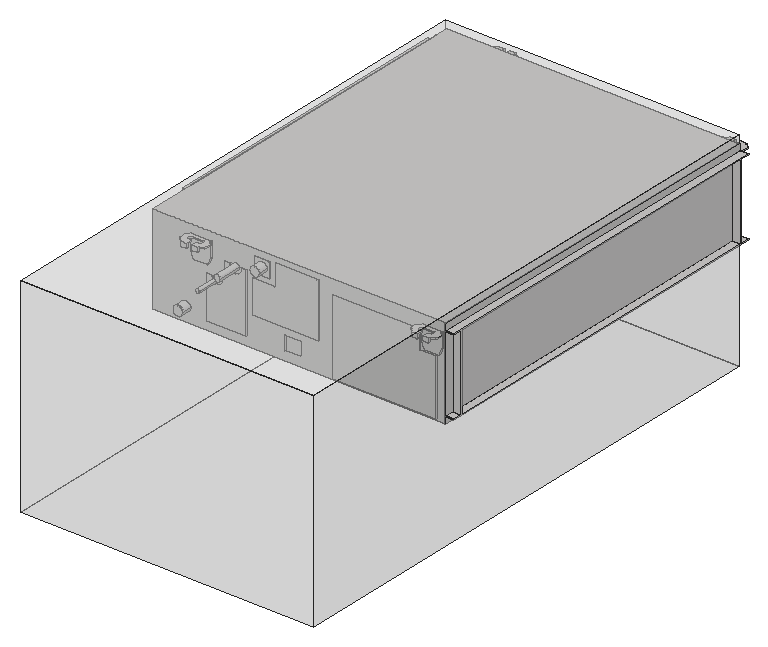
Revit family "outputfile", category 機械設備, Revit 2024
Family settings
  丸型コネクタ寸法 = 半径を使用
  パーツ タイプ = 標準
  OmniClass 番号 = 23.75.10.24.21.27.27
  OmniClass タイトル = Split System Air Conditioning Units
  作業面ベース = いいえ
  常に垂直 = はい
  ロード時にボイドで切り取り = いいえ
  注釈の向きを維持 = いいえ
  共有 = いいえ
  部屋計算ポイント = はい
Parameters (values of type "FBA18CV2S")
  製造元 = "Daikin"
  書き出し IFC クラス(タイプ) = "IfcUnitaryEquipmentType"
  定義済み IFC タイプ(タイプ) = "AIRCONDITIONINGUNIT"
  モデル = "FBA18CV2S"
  switch_frequency = yes
  r_Liquid Pipe Size = Liquid Pipe Size / 2  # 4.75 mm
  r_Gas Pipe Size = Gas Pipe Size / 2  # 7.95 mm
  r_Drain Pipe Size = Drain Pipe Size / 2  # 12.5 mm
  lw_power = 770.0 mm  # constant formula
  lh_SA = 138.0 mm  # constant formula
  lw_SA = if(Width = 550.0 mm, 225.0 mm, if(Width = 700.0 mm, 300.0 mm, if(Width = 1000.0 mm, 450.0 mm, if(Width = 1400.0 mm, 650.0 mm, 725.0 mm))))  # 450.0 mm
  lw_RA = if(Width = 550.0 mm, 275.0 mm, if(Width = 700.0 mm, 349.0 mm, if(Width = 1000.0 mm, 499.0 mm, if(Width = 1400.0 mm, 699.0 mm, 775.0 mm))))  # 499.0 mm
  lh_power = 60.0 mm + [h***]  # 60.0 mm
  lh_mountinghole1 = lh_mountinghole + [h***]  # 222.0 mm
  lh_RA = 123.0 mm  # constant formula
  ld_power = Width / 2  # 500.0 mm
  connector_voltage = Voltage_50Hz  # 220 V
  connector_powerinput = [Power Input (Cooling)]  # 1.250 kW
  connector_phase = Phase_50Hz  # 1
  Voltage_comment_50Hz = "220"
  Voltage_50Hz = 220 V
  Supply Air Direction [instance] = yes
  Phase_50Hz = 1
  Minimum External Static Pressure = 50.00 Pa
  Maximum External Static Pressure = 150.00 Pa
  Material_Casing = DAIKIN_GalvanizedSteel_Casing_indoorunit
  lw_mountinghole = 630.0 mm  # constant formula
  lh_gaspipe = 183.0 mm + [h***]  # 183.0 mm
  lh_mountinghole = 222.0 mm  # constant formula
  lh_liquidpipe = 136.0 mm + [h***]  # 136.0 mm
  lh_drainpipe = 207.0 mm + [h***]  # 207.0 mm
  lh_antena = Height - lh_mountinghole + 1.0 mm  # 24.0 mm
  ld_drainpipe = Width / 2 + 26.0 mm  # 526.0 mm
  ld_liquidpipe = Width / 2 + 69.0 mm  # 569.0 mm
  ld_gaspipe = Width / 2 + 65.0 mm  # 565.0 mm
  ld_mountinghole = Width + 38.0 mm  # 1038.0 mm
  h*** = 0.0 mm  # constant formula
  lw_liquidpipe = 179.0 mm  # constant formula
  lw_gaspipe = 229.0 mm  # constant formula
  lw_drainpipe = 300.0 mm  # constant formula
  Width = 1000.0 mm
  Version = "ver.1.0"
  Unit Type = "Duct"
  Unit Mass Weight = 37.00 kg
  Unit Designation [instance] = ""
  Uniclass2015Version = "Products v1.30"
  Uniclass2015Title = "Split coil room air conditioning units"
  Uniclass2015Code = "Pr_70_65_03_86"
  Total Cooling Capacity [instance] = 0.000 kW
  Sound Pressure Level_M speed (dBA) = 33
  Sound Pressure Level_L speed (dBA) = 31
  Sound Pressure Level_H speed (dBA) = 35
  Series = "SkyAir_Fan Coil Unit"
  Sensible Cooling Capacity [instance] = 0.000 kW
  SA Duct Size Width = 792.0 mm
  SA Duct Size Height = 176.0 mm
  Refrigerant Type = "R32"
  RA Duct Size Width = 952.0 mm
  RA Duct Size Height = 208.0 mm
  Power Input (Cooling) = 1.250 kW
  Option Accessory 3 [instance] = ""
  Option Accessory 2 [instance] = ""
  Option Accessory 1 [instance] = ""
  Nominal Cooling Capacity = 5.300 kW
  Minimum Airflow = 750.00 m³/h
  Median Airflow = 900.00 m³/h
  Maximum Airflow = 1080.00 m³/h
  Load Classification = HVAC
  Liquid Pipe Size = 9.5 mm
  Link_Nested Family [instance] = ""
  IfcVersion = ""
  IfcExportType = "AIRCONDITIONINGUNIT"
  IfcExportAs = "IfcUnitaryEquipmentType"
  Height = 245.0 mm
  Heat Exchanger Type = "Cross Fin Coil"
  Gas Pipe Size = 15.9 mm
  Frequency_50Hz = 50 Hz
  Fan Type = "Sirocco Fan"
  Fan Drive = "Direct Drive"
  FCU Tag No. [instance] = ""
  Drain Pipe Size = 25.0 mm
  Design Supply Airflow [instance] = 0.00 m³/h
  Design Return Airflow [instance] = 0.00 m³/h
  Design External Static Pressure [instance] = 0.00 Pa
  Depth = 800.0 mm
  既定の高さ = 0.0 mm
  Cooling Entering Wet Bulb Temperature [instance] = 0.00 °C
  Cooling Entering Dry Bulb Temperature [instance] = 0.00 °C
  Cooling Ambient Wet Bulb Temperature [instance] = 0.00 °C
  Cooling Ambient Dry Bulb Temperature [instance] = 0.00 °C
  Clearance visibility [instance] = yes
  Clearance Top = 20.0 mm
  Clearance Right = 0.0 mm
  Clearance Rear = 0.0 mm
  Clearance Left = 0.0 mm
  Clearance Front = 450.0 mm
  Clearance Bottom = 300.0 mm
Reference planes
  plane 1 "Center (Front/Back)": y = 0
  plane 2 "h": z = 0
  plane 3 "Center (Left/Right)": x = 0
  plane 4 "Back": y = 500
  plane 5 "Front": y = -500
  plane 6 "Left": x = -400
  plane 7 "Right": x = 400
  plane 8 "Top": z = 0
  plane 9 "Bottom": z = -245
  plane 10: y = -215
  plane 11: y = 500
  plane 12: y = -950
  plane 13: x = -400
  plane 14: x = 400
  plane 15: z = 20
  plane 16: z = -545
  plane 17: x = -400
  plane 18: x = -399
  plane 19: x = 399
  plane 20: y = 50
  plane 21: y = -1
  plane 22: z = -122
  plane 23: y = -501
  plane 24: z = -109
  plane 25: x = -221
  plane 26: y = -565
  plane 27: z = -62
  plane 28: x = -171
  plane 29: y = -526
  plane 30: z = -38
  plane 31: x = -100
  plane 32: x = -100
  plane 33: x = -221
  plane 34: x = -171
  plane 35: x = 370
  plane 36: x = -266
  plane 37: x = 364
  plane 38: y = -519
  plane 39: y = 519
  plane 40: z = -23
  plane 41: z = -107
  plane 42: y = -569
  plane 43: z = -207
  plane 44: x = -309
  plane 45: y = -376
  plane 46: x = -251
  plane 47: x = -203
  plane 48: x = -144
  plane 49: z = -59
  plane 50: z = -106
  plane 51: z = -221
  plane 52: z = -109
  plane 53: x = -221
  plane 54: z = -62
  plane 55: x = -171
  plane 56: z = -17
  plane 57: z = -59
  plane 58: x = -121
  plane 59: x = -79
  plane 60: x = -125
  plane 61: x = -64
  plane 62: x = 53
  plane 63: z = -164
  plane 64: z = -73
  plane 65: z = -16
  plane 66: x = 93.5
  plane 67: x = 374.5
  plane 68: x = 330
  plane 69: z = -88.5
  plane 70: z = -38
  plane 71: z = -242.5
  plane 72: x = -38.5
  plane 73: x = 6.5
  plane 74: z = -181
  plane 75: z = -221
  plane 76: y = -499
  plane 77: x = -424
  plane 78: x = 424
Forms (mm)
  Extrusion 1, solid, material "DAIKIN_GalvanizedSteel_Casing_indoorunit" <- "Material_Casing"
    sketch origin (0, 0, 0) x (1, 0, 0) y (0, 1, 0)
      loop
        line (-399, 500) -> (-399, -500) -> (399, -500) -> (399, 500) -> (-399, 500)
    from -245 to 0
  Extrusion 2, solid, material "DAIKIN_GalvanizedSteel_Casing_indoorunit" <- "Material_Casing"
    sketch origin (0, 0, 0) x (1, 0, 0) y (0, 0, 1)
      loop
        line (-251, -221) -> (-144, -221) -> (-144, -59) -> (-154.47, -59)
        arc (-154.47, -59) -> (-171, -78.8) -> (-187.53, -59) r 16.8
        line (-187.53, -59) -> (-203, -59) -> (-203, -106) -> (-206.916, -106)
        arc (-206.916, -106) -> (-221, -123.4) -> (-235.084, -106) r 14.4
        line (-235.084, -106) -> (-251, -106) -> (-251, -221)
    from 500 to 501
  Extrusion 3, solid, material "DAIKIN_GalvanizedSteel_Casing_indoorunit" <- "Material_Casing"
    sketch origin (0, 0, 0) x (1, 0, 0) y (0, 0, 1)
      loop
        line (-121, -17) -> (-121, -59) -> (-79, -59) -> (-79, -17) -> (-121, -17)
      loop
        line (-125, -73) -> (-125, -164) -> (53, -164) -> (53, -16) -> (-64, -16) -> (-64, -73) -> (-125, -73)
    from 500 to 501
  Extrusion 4, solid, material "DAIKIN_GalvanizedSteel_Casing_indoorunit" <- "Material_Casing"
    sketch origin (0, 0, 0) x (1, 0, 0) y (0, 0, 1)
      loop
        line (93.5, -38) -> (93.5, -242.5) -> (374.5, -242.5) -> (374.5, -88.5) -> (330, -88.5) -> (330, -38) -> (93.5, -38)
    from 500 to 501
  Extrusion 5, solid, material "DAIKIN_GalvanizedSteel_Casing_indoorunit" <- "Material_Casing"
    sketch origin (0, 0, 0) x (1, 0, 0) y (0, 0, 1)
      loop
        circle (-221, -109) r 4.75
    from 500 to 569
  Extrusion 6, solid, material "DAIKIN_GalvanizedSteel_Casing_indoorunit" <- "Material_Casing"
    sketch origin (0, 0, 0) x (1, 0, 0) y (0, 0, 1)
      loop
        circle (-171, -62) r 7.95
    from 500 to 565
  Extrusion 7, solid, material "DAIKIN_GalvanizedSteel_Casing_indoorunit" <- "Material_Casing"
    sketch origin (0, 0, 0) x (1, 0, 0) y (0, 0, 1)
      loop
        circle (-100, -38) r 12.5
    from 501 to 526
  Extrusion 8, solid, material "DAIKIN_GalvanizedSteel_Casing_indoorunit" <- "Material_Casing"
    sketch origin (0, 0, 0) x (1, 0, 0) y (0, 0, 1)
      loop
        circle (-309, -207) r 13
    from 500 to 526
  Extrusion 9, void
    sketch origin (0, 0, 0) x (1, 0, 0) y (0, 0, 1)
      loop
        line (-38.5, -181) -> (-38.5, -221) -> (6.5, -221) -> (6.5, -181) -> (-38.5, -181)
    from 499 to 500
Cuts and joins
  Extrusion 9 cuts Extrusion 1
Dimensions and locks
  "Height": plane 8 "Top" to plane 9 "Bottom"
  equal spacing: plane 4 "Back", plane 1 "Center (Front/Back)", plane 5 "Front"
  "Width": plane 4 "Back" to plane 5 "Front"
  equal spacing: plane 6 "Left", plane 3 "Center (Left/Right)", plane 7 "Right"
  "Depth": plane 6 "Left" to plane 7 "Right"
  "Clearance Left": plane 13 to plane 6 "Left"
  "Clearance Right": plane 7 "Right" to plane 14
  "Clearance Rear": plane 11 to plane 4 "Back"
  "Clearance Front": plane 5 "Front" to plane 12
  "Clearance Top": plane 15 to plane 8 "Top"
  "Clearance Bottom": plane 9 "Bottom" to plane 16
  locked: plane 17 to plane 18 at 1
  locked: plane 19 to plane 14 at 1
  "lw_RA": plane 21 to plane 5 "Front"
  "lh_RA": plane 22 to plane 9 "Bottom"
  locked: plane 5 "Front" to plane 23 at 1
  "lw_liquidpipe": plane 25 to plane 6 "Left"
  "lh_liquidpipe": plane 24 to plane 9 "Bottom"
  "lh_gaspipe": plane 27 to plane 9 "Bottom"
  "lw_gaspipe": plane 28 to plane 6 "Left"
  "ld_gaspipe": plane 26 to plane 1 "Center (Front/Back)"
  "ld_drainpipe": plane 29 to plane 1 "Center (Front/Back)"
  "lh_drainpipe": plane 30 to plane 9 "Bottom"
  "lw_drainpipe": plane 31 to plane 6 "Left"
  "lw_drainpipe": plane 6 "Left" to plane 32
  "lw_liquidpipe": plane 6 "Left" to plane 33
  "lw_gaspipe": plane 6 "Left" to plane 34
  "lw_power": plane 6 "Left" to plane 35
  locked: plane 17 to plane 36 at 134
  "lw_mountinghole": plane 36 to plane 37
  equal spacing: plane 38, plane 1 "Center (Front/Back)", plane 39
  "ld_mountinghole": plane 39 to plane 38
  "lh_mountinghole": plane 40 to plane 9 "Bottom"
  "lh_SA": plane 41 to plane 9 "Bottom"
  locked: plane 44 to plane 6 "Left" at 91
  locked: plane 43 to plane 9 "Bottom" at 38
  plane 48 to plane 47 to plane 46 to plane 6 "Left" = 59.0 mm, 48.0 mm, 149.0 mm
  plane 8 "Top" to plane 49 to plane 50 to plane 51 = 59.0 mm locked, 47.0 mm locked, 115.0 mm locked
  plane 55 to plane 53 to plane 6 "Left" = 50.0 mm locked, 179.0 mm locked
  plane 54 to plane 52 to plane 9 "Bottom" = 47.0 mm locked, 136.0 mm locked
  plane 59 to plane 58 to plane 6 "Left" = 42.0 mm locked, 279.0 mm locked
  plane 8 "Top" to plane 56 to plane 57 = 17.0 mm locked, 42.0 mm locked
  plane 62 to plane 61 to plane 60 to plane 6 "Left" = 117.0 mm, 61.0 mm, 275.0 mm
  plane 8 "Top" to plane 65 to plane 64 = 16.0 mm locked, 57.0 mm locked
  locked: plane 65 to plane 63 at 148
  plane 8 "Top" to plane 70 to plane 69 to plane 71 = 38.0 mm locked, 50.5 mm locked, 154.0 mm locked
  plane 67 to plane 68 to plane 66 to plane 6 "Left" = 44.5 mm locked, 236.5 mm locked, 493.5 mm locked
  plane 8 "Top" to plane 74 to plane 75 = 181.0 mm locked, 40.0 mm locked
  plane 73 to plane 72 to plane 6 "Left" = 45.0 mm, 361.5 mm
  locked: plane 76 to plane 5 "Front" at 1
  locked: plane 77 to plane 17 at 24
  locked: plane 14 to plane 78 at 24
  "ld_liquidpipe": plane 42 to plane 1 "Center (Front/Back)"
  "lw_SA": plane 4 "Back" to plane 20
  "r_Liquid Pipe Size": radius of Extrusion 5 sketch curve
  "r_Gas Pipe Size": radius of Extrusion 6 sketch curve
  "r_Drain Pipe Size": radius of Extrusion 7 sketch curve
  aligned and locked: level to plane 2 "h"
  aligned and locked: plane 8 "Top" to Extrusion 1
  aligned and locked: Extrusion 1 to plane 9 "Bottom"
  aligned and locked: nested 5 to plane 12
  aligned and locked: plane 13 to nested 5
  aligned and locked: plane 14 to nested 5
  aligned and locked: nested 5 to plane 13
  aligned and locked: plane 11 to nested 5
  aligned and locked: plane 15 to nested 5
  aligned and locked: plane 16 to nested 5
  aligned and locked: plane 5 "Front" to Extrusion 1 sketch curve
  aligned and locked: Extrusion 1 to plane 18
  aligned and locked: plane 19 to Extrusion 1
  aligned and locked: nested 7 to plane 18
  aligned and locked: nested 7 to plane 20
  aligned and locked: plane 19 to nested 8
  aligned and locked: plane 21 to nested 8
  aligned and locked: plane 22 to nested 8
  aligned and locked: Extrusion 2 to plane 23
  aligned and locked: plane 5 "Front" to Extrusion 2
  aligned and locked: Extrusion 3 to plane 23
  aligned and locked: plane 5 "Front" to Extrusion 3
  aligned and locked: plane 5 "Front" to Extrusion 4
  aligned and locked: Extrusion 5 sketch curve to plane 25
  aligned and locked: plane 24 to Extrusion 5 sketch curve
  aligned and locked: plane 5 "Front" to Extrusion 5
  aligned and locked: Extrusion 6 sketch curve to plane 28
  aligned and locked: plane 27 to Extrusion 6 sketch curve
  aligned and locked: plane 5 "Front" to Extrusion 6
  aligned and locked: Extrusion 7 sketch curve to plane 31
  aligned and locked: Extrusion 7 sketch curve to plane 30
  aligned and locked: Extrusion 7 to plane 29
  aligned and locked: plane 23 to Extrusion 7
  aligned and locked: nested 3 to plane 29
  aligned and locked: plane 32 to nested 3
  aligned and locked: nested 2 to plane 33
  aligned and locked: nested 1 to plane 34
  aligned and locked: Extrusion 6 to plane 26
  aligned and locked: nested 1 to plane 26
  aligned and locked: nested 6 to plane 5 "Front"
  aligned and locked: nested 6 to plane 35
  aligned and locked: plane 36 to nested 10
  aligned and locked: nested 10 to plane 5 "Front"
  aligned and locked: plane 37 to nested 9
  aligned and locked: nested 9 to plane 5 "Front"
  aligned and locked: nested 11 to plane 36
  aligned and locked: plane 4 "Back" to nested 11
  aligned and locked: nested 12 to plane 37
  aligned and locked: plane 4 "Back" to nested 12
  aligned and locked: plane 40 to nested 10
  aligned and locked: plane 40 to nested 11
  aligned and locked: plane 40 to nested 9
  aligned and locked: plane 40 to nested 12
  aligned and locked: plane 36 to nested 14
  aligned and locked: nested 14 to plane 39
  aligned and locked: plane 37 to nested 13
  aligned and locked: nested 13 to plane 39
  aligned and locked: plane 37 to nested 16
  aligned and locked: plane 38 to nested 16
  aligned and locked: plane 38 to nested 15
  aligned and locked: plane 36 to nested 15
  aligned and locked: plane 17 to plane 6 "Left"
  aligned and locked: plane 41 to nested 7
  aligned and locked: Extrusion 5 to plane 42
  aligned and locked: nested 2 to plane 42
  aligned and locked: Extrusion 8 sketch curve to plane 44
  aligned and locked: plane 43 to Extrusion 8 sketch curve
  aligned and locked: plane 5 "Front" to Extrusion 8
  aligned and locked: Extrusion 3 sketch curve to plane 56
  aligned and locked: Extrusion 3 sketch curve to plane 58
  aligned and locked: plane 57 to Extrusion 3 sketch curve
  aligned and locked: plane 59 to Extrusion 3 sketch curve
  aligned and locked: Extrusion 4 to plane 23
  aligned and locked: Extrusion 9 sketch curve to plane 74
  aligned and locked: plane 75 to Extrusion 9 sketch curve
  aligned and locked: plane 73 to Extrusion 9 sketch curve
  aligned and locked: plane 5 "Front" to Extrusion 9
  aligned and locked: plane 76 to Extrusion 9
  aligned and locked: nested 17 to plane 20
  aligned and locked: nested 17 to plane 77
  aligned and locked: plane 21 to nested 18
  aligned and locked: plane 78 to nested 18
  aligned and locked: plane 41 to nested 17
  aligned and locked: nested 18 to plane 22
  aligned and locked: nested 4 to plane 3 "Center (Left/Right)"
  aligned and locked: plane 1 "Center (Front/Back)" to nested 4
  aligned and locked: level to plane 8 "Top"
  aligned and locked: Extrusion 8 to plane 29
Automatic sketch dimensions
  plane 6 "Left" to Extrusion 1 sketch curve = 1.0 mm
  Extrusion 1 sketch curve to plane 7 "Right" = 1.0 mm
  Extrusion 1 sketch curve to plane 4 "Back" = 0.0 mm
  Extrusion 2 sketch curve to plane 46 = 0.0 mm
  Extrusion 2 sketch curve to plane 33 = 0.0 mm
  Extrusion 2 sketch curve to plane 47 = 0.0 mm
  Extrusion 2 sketch curve to plane 34 = 0.0 mm
  Extrusion 2 sketch curve to plane 48 = 0.0 mm
  Extrusion 2 sketch curve to plane 51 = 0.0 mm
  Extrusion 2 sketch curve to plane 52 = 0.0 mm
  Extrusion 2 sketch curve to plane 50 = 0.0 mm  (x3)
  Extrusion 2 sketch curve to plane 54 = 0.0 mm
  Extrusion 2 sketch curve to plane 49 = 0.0 mm  (x3)
  plane 33 to Extrusion 2 sketch curve = 14.084 mm
  plane 34 to Extrusion 2 sketch curve = 16.53 mm
  Extrusion 3 sketch curve to plane 60 = 0.0 mm
  Extrusion 3 sketch curve to plane 61 = 0.0 mm
  Extrusion 3 sketch curve to plane 62 = 0.0 mm
  Extrusion 3 sketch curve to plane 63 = 0.0 mm
  Extrusion 3 sketch curve to plane 64 = 0.0 mm
  Extrusion 3 sketch curve to plane 65 = 0.0 mm
  Extrusion 4 sketch curve to plane 66 = 0.0 mm
  Extrusion 4 sketch curve to plane 68 = 0.0 mm
  Extrusion 4 sketch curve to plane 67 = 0.0 mm
  Extrusion 4 sketch curve to plane 71 = 0.0 mm
  Extrusion 4 sketch curve to plane 69 = 0.0 mm
  Extrusion 4 sketch curve to plane 70 = 0.0 mm
  Extrusion 9 sketch curve to plane 72 = 0.0 mm
  radius of Extrusion 8 sketch curve = 13.0 mm
Nested families
  nested 1: "daikin_connector_rotate2" at (-171, 0, -62), length <- "ld_gaspipe", built-in parameter 1001364 <- "lh_gaspipe", radius <- "r_Gas Pipe Size", type "daikin_connector_rotate2"
    with radius 7.95 mm, length 565.0 mm, angle_vertical 90.00°
  nested 2: "daikin_connector_rotate2" at (-221, 0, -109), length <- "ld_liquidpipe", built-in parameter 1001364 <- "lh_liquidpipe", radius <- "r_Liquid Pipe Size", type "daikin_connector_rotate2"
    with radius 4.75 mm, length 569.0 mm, angle_vertical 90.00°
  nested 3: "daikin_connector_rotate2" at (-100, 0, -38), length <- "ld_drainpipe", built-in parameter 1001364 <- "lh_drainpipe", radius <- "r_Drain Pipe Size", type "daikin_connector_rotate2"
    with radius 12.5 mm, length 526.0 mm, angle_vertical 90.00°
  nested 4: "daikin_△_symbolicline" at (0, 0, 245) x (0, -1, 0) z (0, 0, 1), built-in parameter 1001364 <- "Height", visible <- "Supply Air Direction", type "daikin_△_symbolicline"
    with length 200.0 mm
  nested 5: "daikin_clearancespace" at (0, -225, -262.381), visible <- "Clearance visibility", show <- "Clearance visibility", Link_Nested Family <- "Link_Nested Family", type "daikin_clearancespace"
    with width 800.0 mm, show yes, height 565.0 mm, depth 1450.0 mm, Link_Nested Family ""
  nested 6: "daikin_connector_rotate2" at (370, 0, -185), built-in parameter 1001364 <- "lh_power", length <- "ld_power", type "daikin_connector_rotate2"
    with radius 10.0 mm, length 500.0 mm, angle_vertical 90.00°
  nested 7: "daikin_ductflange_FBA-CV2S2" at (-399, 50, -107) x (0, -1, 0) z (0, 0, 1), type "daikin_ductflange_FBA-CV2S2"
    with width 792.0 mm, w 1000.0 mm
  nested 8: "daikin_ductflange_FBA-CV2S" at (399, -1, -122) x (0, 1, 0) z (0, 0, 1), type "daikin_ductflange_FBA-CV2S"
    with width 952.0 mm, lw 25.0 mm, w 1000.0 mm
  nested 9: "daikin_hangerfixture_FBA-CV2S" at (364, -500, -23), type "daikin_hangerfixture_FBA-CV2S"
  nested 10: "daikin_hangerfixture_FBA-CV2S" at (-266, -500, -23), type "daikin_hangerfixture_FBA-CV2S"
  nested 11: "daikin_hangerfixture_FBA-CV2S" at (-266, 500, -23) x (-1, 0, 0) z (0, 0, 1), type "daikin_hangerfixture_FBA-CV2S"
  nested 12: "daikin_hangerfixture_FBA-CV2S" at (364, 500, -23) x (-1, 0, 0) z (0, 0, 1), type "daikin_hangerfixture_FBA-CV2S"
  nested 13: "daikin_mountinghole" at (364, 519, -245), h_mountinghole <- "lh_mountinghole1", l_antenna <- "lh_antena", Link_Nested Family <- "Link_Nested Family", type "daikin_mountinghole"
    with show yes, l_antenna 24.0 mm, h_mountinghole 222.0 mm, Link_Nested Family ""
  nested 14: "daikin_mountinghole" at (-266, 519, -245), h_mountinghole <- "lh_mountinghole1", l_antenna <- "lh_antena", Link_Nested Family <- "Link_Nested Family", type "daikin_mountinghole"
    with show yes, l_antenna 24.0 mm, h_mountinghole 222.0 mm, Link_Nested Family ""
  nested 15: "daikin_mountinghole" at (-266, -519, -245), h_mountinghole <- "lh_mountinghole1", l_antenna <- "lh_antena", Link_Nested Family <- "Link_Nested Family", type "daikin_mountinghole"
    with show yes, l_antenna 24.0 mm, h_mountinghole 222.0 mm, Link_Nested Family ""
  nested 16: "daikin_mountinghole" at (364, -519, -245), h_mountinghole <- "lh_mountinghole1", l_antenna <- "lh_antena", Link_Nested Family <- "Link_Nested Family", type "daikin_mountinghole"
    with show yes, l_antenna 24.0 mm, h_mountinghole 222.0 mm, Link_Nested Family ""
  nested 17: "daikin_connector_rotate2" at (-400, 50, -107) x (0, -1, 0) z (0, 0, 1), type "daikin_connector_rotate2"
    with radius 10.0 mm, length 24.0 mm, angle_vertical 90.00°
  nested 18: "daikin_connector_rotate2" at (400, -1, -122) x (0, 1, 0) z (0, 0, 1), type "daikin_connector_rotate2"
    with radius 10.0 mm, length 24.0 mm, angle_vertical 90.00°
Connectors
  piping at (-100, -526, -38), diameter 25, driven by "r_Drain Pipe Size"
    settings: on nested 3, index 3, connector inside diameter 609.6 mm, connector length 0.0 mm, flow factor 0, pipe flow 0.00 m³/h, pressure drop 0.0 Pa, fitting loss kfactor 0, connector angle 0.00°, fixture units 0, engagement length 0.0 mm, angle of deflection 0.00°, flow configuration 1, flow direction 2, fitting loss method 4, system type 16, joint type 0, gender type 0, connector reference index -1, connector utility 0, adjustable connector no, is connector primary yes, connector description "Condensate Drain Piping"
  piping at (-171, -565, -62), diameter 15.9, driven by "r_Gas Pipe Size"
    settings: on nested 1, index 4, connector inside diameter 609.6 mm, connector length 0.0 mm, flow factor 0, pipe flow 0.00 m³/h, pressure drop 0.0 Pa, fitting loss kfactor 0, connector angle 0.00°, fixture units 0, engagement length 0.0 mm, angle of deflection 0.00°, flow configuration 1, flow direction 2, fitting loss method 0, system type 29, joint type 0, gender type 0, connector reference index -1, connector utility 0, adjustable connector no, is connector primary no, connector description "Refrigerant Gas Piping"
  piping at (-221, -569, -109), diameter 9.5, driven by "r_Liquid Pipe Size"
    settings: on nested 2, index 5, connector inside diameter 609.6 mm, connector length 0.0 mm, flow factor 0, pipe flow 0.00 m³/h, pressure drop 0.0 Pa, fitting loss kfactor 0, connector angle 0.00°, fixture units 0, engagement length 0.0 mm, angle of deflection 0.00°, flow configuration 1, flow direction 1, fitting loss method 0, system type 29, joint type 0, gender type 0, connector reference index -1, connector utility 0, adjustable connector no, is connector primary no, connector description "Refrigerant Liquid Piping"
  electrical at (370, -500, -185), driven by "Load Classification", driven by "connector_voltage", driven by "connector_phase", driven by "connector_powerinput"
    settings: on nested 6, index 6, voltage 220 V, apparent load 1250 VA, apparent load phase1 0 VA, apparent load phase2 0 VA, apparent load phase3 0 VA, power factor 1, load classification "HVAC", number of poles 1, system type 30, power factor state 1, is connector primary yes, connector utility no, sub classification motor no, connector description "Power Supply"
  hvac at (-424, 50, -107), driven by "SA Duct Size Height", driven by "SA Duct Size Width"
    settings: on nested 17, index 7, duct flow 0.00 m³/h, flow factor 0, pres drop 0.00 Pa, loss coef 0, conn angle 0.00°, conn width 792.0 mm, conn height 176.0 mm, conn diameter 609.6 mm, duct sys type 1, conn prof type 1, flow config 0, flow direction 2, loss method 4, conn ref index -1, conn util no, is conn primary yes, conn desc "SA Duct"
  hvac at (424, -1, -122), driven by "RA Duct Size Height", driven by "RA Duct Size Width"
    settings: on nested 18, index 8, duct flow 0.00 m³/h, flow factor 0, pres drop 0.00 Pa, loss coef 0, conn angle 0.00°, conn width 952.0 mm, conn height 208.0 mm, conn diameter 609.6 mm, duct sys type 2, conn prof type 1, flow config 0, flow direction 1, loss method 4, conn ref index -1, conn util no, is conn primary no, conn desc "RA Duct"
Definition of nested family "daikin_clearancespace"
  Parameters (values of type "daikin_clearancespace")
    Description = "daikin_clearancespace"
    width [instance] = 1823.963 mm
    show [instance] = yes
    material = none
    height [instance] = 1359.762 mm
    depth [instance] = 880.0 mm
    Default Elevation = 0.0 mm
    Link_Nested Family [instance] = ""
  Reference planes
    plane 1 "Center (Front/Back)": y = 0
    plane 2 "Center (Elevation)": z = -0.119
    plane 3 "Center (Left/Right)": x = 0
    plane 4: y = 440
    plane 5: y = -440
    plane 6 "Right": x = 911.982
    plane 7 "Left": x = -911.982
    plane 8 "Top": z = 679.762
    plane 9 "Bottom": z = -680
  Forms (mm)
    Extrusion 1, solid, material <- "material", visible <- "show"
      sketch origin (0, 0, 0) x (1, 0, 0) y (0, 1, 0)
        loop
          line (-911.982, 440) -> (-911.982, -440) -> (911.982, -440) -> (911.982, 440) -> (-911.982, 440)
      from -680 to 679.762
  Lines and regions (mm)
    symbolic lines, visible <- "show"
      curve 1: line (911.982, 440, 0) -> (-911.982, 440, 0)
      curve 2: line (-911.982, 440, 0) -> (-911.982, -440, 0)
      curve 3: line (-911.982, -440, 0) -> (911.982, -440, 0)
      curve 4: line (911.982, -440, 0) -> (911.982, 440, 0)
      curve 5: line (911.982, 0, 679.762) -> (-911.982, 0, 679.762)
      curve 6: line (911.982, 0, -680) -> (911.982, 0, 679.762)
      curve 7: line (-911.982, 0, -680) -> (911.982, 0, -680)
      curve 8: line (-911.982, 0, 679.762) -> (-911.982, 0, -680)
      curve 9: line (0, 440, 679.762) -> (0, -440, 679.762)
      curve 10: line (0, -440, 679.762) -> (0, -440, -680)
      curve 11: line (0, 440, -680) -> (0, 440, 679.762)
      curve 12: line (0, -440, -680) -> (0, 440, -680)
  Dimensions and locks
    "width": plane 7 "Left" to plane 6 "Right"
    "depth": plane 4 to plane 5
    "height": plane 8 "Top" to plane 9 "Bottom"
    equal spacing: plane 7 "Left", plane 3 "Center (Left/Right)", plane 6 "Right"
    equal spacing: plane 4, plane 1 "Center (Front/Back)", plane 5
    equal spacing: plane 8 "Top", plane 2 "Center (Elevation)", plane 9 "Bottom"
    aligned and locked: level to plane 2 "Center (Elevation)"
    aligned and locked: Extrusion 1 sketch curve to plane 4
    aligned and locked: plane 7 "Left" to Extrusion 1 sketch curve
    aligned and locked: Extrusion 1 sketch curve to plane 5
    aligned and locked: Extrusion 1 sketch curve to plane 6 "Right"
    aligned and locked: plane 8 "Top" to Extrusion 1
    aligned and locked: curve 1 to Extrusion 1
    aligned and locked: curve 2 to Extrusion 1
    aligned and locked: curve 3 to Extrusion 1
    aligned and locked: curve 4 to Extrusion 1
    aligned and locked: curve 5 to Extrusion 1
    aligned and locked: curve 6 to Extrusion 1
    aligned and locked: curve 7 to Extrusion 1
    aligned and locked: curve 8 to Extrusion 1
    aligned and locked: curve 9 to Extrusion 1
    aligned and locked: curve 10 to Extrusion 1
    aligned and locked: curve 11 to Extrusion 1
    aligned and locked: curve 12 to Extrusion 1
    aligned and locked: Extrusion 1 to plane 9 "Bottom"
Definition of nested family "daikin_ductflange_FBA-CV2S2"
  Parameters (values of type "daikin_ductflange_FBFC-DVMG2")
    width = if(w = 550.0 mm, 337.0 mm, if(w = 700.0 mm, 492.0 mm, if(w = 1000.0 mm, 792.0 mm, if(w = 1400.0 mm, 1192.0 mm, 1337.0 mm))))  # 1192.0 mm
    material = none
    height = 215.0 mm
    depth = 1.0 mm
    w = 1400.0 mm
    Default Elevation = 0.0 mm
  Reference planes
    plane 1 "Center (Front/Back)": y = 0
    plane 2: z = 0
    plane 3 "Center (Left/Right)": x = 0
    plane 4: z = 88
    plane 5: z = -88
    plane 6: y = -25
    plane 7: z = 106
    plane 8: z = 89
    plane 9: y = -1
    plane 10: x = -617.5
    plane 11: x = 617.5
    plane 12: z = -106
    plane 13: z = -89
    plane 14: y = -1
    plane 15: x = 596
    plane 16: x = -596
    plane 17: x = 597
    plane 18: z = 87
    plane 19: z = -87
    plane 20: x = -597
    plane 21: z = 87
    plane 22: z = -87
    plane 23: y = -1
  Forms (mm)
    Extrusion 1, solid, material <- "material"
      sketch origin (0, 0, 0) x (0, 1, 0) y (0, 0, 1)
        loop
          line (-25, 88) -> (0, 88) -> (0, 106) -> (-1, 106) -> (-1, 89) -> (-25, 89) -> (-25, 88)
      from -617.5 to 617.5
    Extrusion 2, solid, material <- "material"
      sketch origin (0, 0, 0) x (0, 1, 0) y (0, 0, 1)
        loop
          line (-25, -88) -> (-25, -89) -> (-1, -89) -> (-1, -106) -> (0, -106) -> (0, -88) -> (-25, -88)
      from -617.5 to 617.5
    Extrusion 3, solid, material <- "material"
      sketch origin (0, 0, 0) x (1, 0, 0) y (0, 0, 1)
        loop
          line (596, 88) -> (596, -88) -> (617.5, -88) -> (617.5, -87) -> (597, -87) -> (597, 87) -> (617.5, 87) -> (617.5, 88) -> (596, 88)
      from 0 to 25
    Extrusion 4, solid, material <- "material"
      sketch origin (0, 0, 0) x (1, 0, 0) y (0, 0, 1)
        loop
          line (-617.5, 88) -> (-617.5, 87) -> (-597, 87) -> (-597, -87) -> (-617.5, -87) -> (-617.5, -88) -> (-596, -88) -> (-596, 88) -> (-617.5, 88)
      from 0 to 25
    Extrusion 5, solid, material <- "material"
      sketch origin (0, 0, 0) x (1, 0, 0) y (0, 0, 1)
        loop
          line (-617.5, 88) -> (-617.5, -88) -> (-596, -88) -> (-596, 88) -> (-617.5, 88)
        loop
          line (617.5, 88) -> (596, 88) -> (596, -88) -> (617.5, -88) -> (617.5, 88)
      from 0 to 1
  Cuts and joins
    joined: Extrusion 1, Extrusion 2, Extrusion 3, Extrusion 4, Extrusion 5
  Dimensions and locks
    plane 4 to level to plane 5 = 88.0 mm, 88.0 mm
    locked: plane 6 to plane 1 "Center (Front/Back)" at 25
    locked: plane 9 to plane 1 "Center (Front/Back)" at 1
    locked: plane 8 to plane 4 at 1
    locked: plane 16 to plane 10 at 21.5
    locked: plane 17 to plane 15 at 1
    locked: plane 4 to plane 18 at 1
    locked: plane 19 to plane 5 at 1
    "width": plane 15 to plane 16
    plane 4 to plane 5 = 176.0 mm
    locked: plane 16 to plane 20 at 1
    locked: plane 4 to plane 21 at 1
    locked: plane 22 to plane 5 at 1
    locked: plane 23 to plane 1 "Center (Front/Back)" at 1
    plane 4 to level to plane 5 = 88.0 mm locked, 88.0 mm locked
    locked: plane 5 to plane 13 at 1
    locked: plane 5 to plane 12 at 18
    locked: plane 7 to plane 4 at 18
    equal spacing: plane 15, plane 3 "Center (Left/Right)", plane 16
    locked: plane 11 to plane 15 at 21.5
    plane 11 to plane 10 = 1235.0 mm
    aligned and locked: level to plane 2
    aligned and locked: Extrusion 1 to plane 10
    aligned and locked: plane 11 to Extrusion 1
    aligned and locked: plane 5 to Extrusion 2
    aligned and locked: Extrusion 2 to plane 1 "Center (Front/Back)"
    aligned and locked: plane 15 to Extrusion 3 sketch curve
    aligned and locked: Extrusion 3 sketch curve to Extrusion 2  (x2)
    aligned and locked: Extrusion 3 sketch curve to plane 11
    aligned and locked: plane 6 to Extrusion 3
    aligned and locked: Extrusion 2 to plane 10
    aligned and locked: plane 11 to Extrusion 2
    aligned and locked: Extrusion 4 sketch curve to Extrusion 1  (x2)
    aligned and locked: plane 5 to Extrusion 4 sketch curve
    aligned and locked: Extrusion 4 sketch curve to plane 16
    aligned and locked: Extrusion 4 sketch curve to plane 22
    aligned and locked: plane 20 to Extrusion 4 sketch curve
    aligned and locked: plane 21 to Extrusion 4 sketch curve
    aligned and locked: Extrusion 4 to plane 1 "Center (Front/Back)"
    aligned and locked: plane 6 to Extrusion 4
    aligned and locked: Extrusion 5 sketch curve to Extrusion 1  (x4)
    aligned and locked: Extrusion 5 sketch curve to Extrusion 4  (x2)
    aligned and locked: Extrusion 5 sketch curve to Extrusion 3  (x2)
    aligned and locked: Extrusion 5 to plane 1 "Center (Front/Back)"
    aligned and locked: plane 23 to Extrusion 5
  Automatic sketch dimensions
    Extrusion 1 sketch curve to plane 6 = 0.0 mm
    Extrusion 1 sketch curve to plane 7 = 0.0 mm
    Extrusion 1 sketch curve to plane 9 = 0.0 mm
    Extrusion 1 sketch curve to plane 1 "Center (Front/Back)" = 0.0 mm
    Extrusion 1 sketch curve to plane 4 = 0.0 mm
    Extrusion 1 sketch curve to plane 8 = 0.0 mm
    Extrusion 2 sketch curve to plane 6 = 0.0 mm
    plane 12 to Extrusion 2 sketch curve = 0.0 mm
    Extrusion 2 sketch curve to plane 14 = 0.0 mm
    Extrusion 2 sketch curve to plane 1 "Center (Front/Back)" = 0.0 mm
    plane 13 to Extrusion 2 sketch curve = 0.0 mm
    Extrusion 2 sketch curve to plane 5 = 0.0 mm
    Extrusion 3 sketch curve to plane 17 = 0.0 mm
    Extrusion 3 sketch curve to plane 19 = 0.0 mm
    Extrusion 3 sketch curve to plane 18 = 0.0 mm
    Extrusion 3 sketch curve to plane 4 = 0.0 mm
    Extrusion 4 sketch curve to plane 10 = 0.0 mm
Definition of nested family "daikin_ductflange_FBA-CV2S"
  Parameters (values of type "daikin_ductflange_FBFC-DVMG")
    width = if(w = 550.0 mm, 502.0 mm, if(w = 700.0 mm, 654.0 mm, if(w = 1000.0 mm, 952.0 mm, if(w = 1400.0 mm, 1352.0 mm, 1502.0 mm))))  # 654.0 mm
    material = none
    lw = if(width = 654.0 mm, 23.0 mm, 25.0 mm)  # 23.0 mm
    height = 208.0 mm
    depth = 1.0 mm
    w = 700.0 mm
    Default Elevation = 0.0 mm
  Reference planes
    plane 1 "Center (Front/Back)": y = 0
    plane 2: z = 0
    plane 3 "Center (Left/Right)": x = 0
    plane 4: z = 104
    plane 5: z = -104
    plane 6: y = -25
    plane 7: z = 121
    plane 8: z = 105
    plane 9: y = -1
    plane 10: x = -350
    plane 11: x = 350
    plane 12: z = -122
    plane 13: z = -105
    plane 14: y = -1
    plane 15: x = 327
    plane 16: x = -327
    plane 17: x = 328
    plane 18: z = 103
    plane 19: z = -103
    plane 20: x = -328
    plane 21: z = 103
    plane 22: z = -103
    plane 23: y = -1
  Forms (mm)
    Extrusion 1, solid, material <- "material"
      sketch origin (0, 0, 0) x (0, 1, 0) y (0, 0, 1)
        loop
          line (-25, 104) -> (0, 104) -> (0, 121) -> (-1, 121) -> (-1, 105) -> (-25, 105) -> (-25, 104)
      from -350 to 350
    Extrusion 2, solid, material <- "material"
      sketch origin (0, 0, 0) x (0, 1, 0) y (0, 0, 1)
        loop
          line (-25, -104) -> (-25, -105) -> (-1, -105) -> (-1, -122) -> (0, -122) -> (0, -104) -> (-25, -104)
      from -350 to 350
    Extrusion 3, solid, material <- "material"
      sketch origin (0, 0, 0) x (1, 0, 0) y (0, 0, 1)
        loop
          line (327, 104) -> (327, -104) -> (350, -104) -> (350, -103) -> (328, -103) -> (328, 103) -> (350, 103) -> (350, 104) -> (327, 104)
      from 0 to 25
    Extrusion 4, solid, material <- "material"
      sketch origin (0, 0, 0) x (1, 0, 0) y (0, 0, 1)
        loop
          line (-350, 104) -> (-350, 103) -> (-328, 103) -> (-328, -103) -> (-350, -103) -> (-350, -104) -> (-327, -104) -> (-327, 104) -> (-350, 104)
      from 0 to 25
    Extrusion 5, solid, material <- "material"
      sketch origin (0, 0, 0) x (1, 0, 0) y (0, 0, 1)
        loop
          line (-350, 104) -> (-350, -104) -> (-327, -104) -> (-327, 104) -> (-350, 104)
        loop
          line (350, 104) -> (327, 104) -> (327, -104) -> (350, -104) -> (350, 104)
      from 0 to 1
  Cuts and joins
    joined: Extrusion 1, Extrusion 2, Extrusion 3, Extrusion 4, Extrusion 5
  Dimensions and locks
    plane 4 to level to plane 5 = 104.0 mm, 104.0 mm
    locked: plane 6 to plane 1 "Center (Front/Back)" at 25
    locked: plane 9 to plane 1 "Center (Front/Back)" at 1
    locked: plane 8 to plane 4 at 1
    "lw": plane 11 to plane 15
    "lw": plane 16 to plane 10
    locked: plane 17 to plane 15 at 1
    locked: plane 4 to plane 18 at 1
    locked: plane 19 to plane 5 at 1
    "width": plane 15 to plane 16
    equal spacing: plane 15, plane 3 "Center (Left/Right)", plane 16
    locked: plane 16 to plane 20 at 1
    locked: plane 4 to plane 21 at 1
    locked: plane 22 to plane 5 at 1
    locked: plane 23 to plane 1 "Center (Front/Back)" at 1
    locked: plane 7 to plane 4 at 17
    locked: plane 1 "Center (Front/Back)" to plane 14 at 1
    locked: plane 5 to plane 13 at 1
    "height": plane 4 to plane 5
    plane 11 to plane 10 = 700.0 mm
    locked: plane 12 to plane 13 at 17
    equal spacing: plane 4, level, plane 5
    aligned and locked: level to plane 2
    aligned and locked: Extrusion 1 to plane 10
    aligned and locked: plane 11 to Extrusion 1
    aligned and locked: plane 5 to Extrusion 2
    aligned and locked: Extrusion 2 to plane 1 "Center (Front/Back)"
    aligned and locked: plane 15 to Extrusion 3 sketch curve
    aligned and locked: Extrusion 3 sketch curve to Extrusion 2  (x2)
    aligned and locked: Extrusion 3 sketch curve to plane 11
    aligned and locked: plane 6 to Extrusion 3
    aligned and locked: Extrusion 2 to plane 10
    aligned and locked: plane 11 to Extrusion 2
    aligned and locked: Extrusion 4 sketch curve to Extrusion 1  (x2)
    aligned and locked: plane 5 to Extrusion 4 sketch curve
    aligned and locked: Extrusion 4 sketch curve to plane 16
    aligned and locked: Extrusion 4 sketch curve to plane 22
    aligned and locked: plane 20 to Extrusion 4 sketch curve
    aligned and locked: plane 21 to Extrusion 4 sketch curve
    aligned and locked: Extrusion 4 to plane 1 "Center (Front/Back)"
    aligned and locked: plane 6 to Extrusion 4
    aligned and locked: Extrusion 5 sketch curve to Extrusion 1  (x4)
    aligned and locked: Extrusion 5 sketch curve to Extrusion 4  (x2)
    aligned and locked: Extrusion 5 sketch curve to Extrusion 3  (x2)
    aligned and locked: Extrusion 5 to plane 1 "Center (Front/Back)"
    aligned and locked: plane 23 to Extrusion 5
  Automatic sketch dimensions
    Extrusion 1 sketch curve to plane 6 = 0.0 mm
    Extrusion 1 sketch curve to plane 7 = 0.0 mm
    Extrusion 1 sketch curve to plane 9 = 0.0 mm
    Extrusion 1 sketch curve to plane 1 "Center (Front/Back)" = 0.0 mm
    Extrusion 1 sketch curve to plane 4 = 0.0 mm
    Extrusion 1 sketch curve to plane 8 = 0.0 mm
    Extrusion 2 sketch curve to plane 6 = 0.0 mm
    plane 12 to Extrusion 2 sketch curve = 0.0 mm
    Extrusion 2 sketch curve to plane 14 = 0.0 mm
    Extrusion 2 sketch curve to plane 1 "Center (Front/Back)" = 0.0 mm
    plane 13 to Extrusion 2 sketch curve = 0.0 mm
    Extrusion 2 sketch curve to plane 5 = 0.0 mm
    Extrusion 3 sketch curve to plane 17 = 0.0 mm
    Extrusion 3 sketch curve to plane 19 = 0.0 mm
    Extrusion 3 sketch curve to plane 18 = 0.0 mm
    Extrusion 3 sketch curve to plane 4 = 0.0 mm
    Extrusion 4 sketch curve to plane 10 = 0.0 mm
Definition of nested family "daikin_hangerfixture_FBA-CV2S"
  Parameters (values of type "daikin_hangerfixture_FXMQ-PAVE")
    width = 72.0 mm
    material = none
    height = 60.0 mm
    depth = 41.0 mm
    Default Elevation = 0.0 mm
  Reference planes
    plane 1 "Center (Front/Back)": y = 0
    plane 2: z = 0
    plane 3 "Center (Left/Right)": x = 0
    plane 4: y = 417.146
    plane 5: y = -41
    plane 6: x = -36
    plane 7: x = 36
    plane 8: z = -2.3
    plane 9: z = -60
    plane 10: y = -2.3
    plane 11: z = -12
    plane 12: y = -38.7
  Forms (mm)
    Extrusion 1, solid, material <- "material"
      sketch origin (0, 0, 0) x (1, 0, 0) y (0, 1, 0)
        loop
          line (-28, 0) -> (-28, -5)
          arc (-28, -5) -> (-29.127, -8.162) -> (-32, -9.899) r 5
          arc (-32, -9.899) -> (-34.873, -11.636) -> (-36, -14.798) r 5
          line (-36, -14.798) -> (-36, -27.178)
          arc (-36, -27.178) -> (-35.429, -29.499) -> (-33.846, -31.289) r 5
          line (-33.846, -31.289) -> (-23, -38.798) -> (-23, -41.098) -> (-6.5, -41.098) -> (-6.5, -28.498)
          arc (-6.5, -28.498) -> (-7.379, -26.377) -> (-9.5, -25.498) r 3
          line (-9.5, -25.498) -> (-13.5, -25.498)
          arc (-13.5, -25.498) -> (-20, -18.998) -> (-13.5, -12.498) r 6.5
          line (-13.5, -12.498) -> (13.5, -12.498)
          arc (13.5, -12.498) -> (20, -18.998) -> (13.5, -25.498) r 6.5
          line (13.5, -25.498) -> (9.5, -25.498)
          arc (9.5, -25.498) -> (7.379, -26.377) -> (6.5, -28.498) r 3
          line (6.5, -28.498) -> (6.5, -41.098) -> (23, -41.098) -> (23, -38.798) -> (33.846, -31.289)
          arc (33.846, -31.289) -> (35.429, -29.499) -> (36, -27.178) r 5
          line (36, -27.178) -> (36, -14.596)
          arc (36, -14.596) -> (34.873, -11.434) -> (32, -9.697) r 5
          arc (32, -9.697) -> (29.127, -7.96) -> (28, -4.798) r 5
          line (28, -4.798) -> (28, 0) -> (-28, 0)
      from 0 to -2.3
    Extrusion 2, solid, material <- "material"
      sketch origin (0, 0, 0) x (1, 0, 0) y (0, 0, 1)
        loop
          line (28, -39.037) -> (28, 0) -> (-28, 0) -> (-28, -39.037)
          arc (-28, -39.037) -> (-27.91, -39.983) -> (-27.642, -40.894) r 5
          line (-27.642, -40.894) -> (-21.257, -56.857)
          arc (-21.257, -56.857) -> (-19.418, -59.14) -> (-16.615, -60) r 5
          line (-16.615, -60) -> (16.615, -60)
          arc (16.615, -60) -> (19.418, -59.14) -> (21.257, -56.857) r 5
          line (21.257, -56.857) -> (27.642, -40.894)
          arc (27.642, -40.894) -> (27.91, -39.983) -> (28, -39.037) r 5
      from 0 to 2.3
    Extrusion 3, solid, material <- "material"
      sketch origin (0, 0, 0) x (1, 0, 0) y (0, 0, 1)
        loop
          line (-23, 0) -> (-23, -9)
          arc (-23, -9) -> (-22.121, -11.121) -> (-20, -12) r 3
          line (-20, -12) -> (-9.5, -12)
          arc (-9.5, -12) -> (-7.379, -11.121) -> (-6.5, -9) r 3
          line (-6.5, -9) -> (-6.5, 0) -> (-23, 0)
        loop
          line (23, 0) -> (6.5, 0) -> (6.5, -9)
          arc (6.5, -9) -> (7.379, -11.121) -> (9.5, -12) r 3
          line (9.5, -12) -> (20, -12)
          arc (20, -12) -> (22.121, -11.121) -> (23, -9) r 3
          line (23, -9) -> (23, 0)
      from 38.8 to 41.098
  Cuts and joins
    joined: Extrusion 1, Extrusion 2, Extrusion 3
  Dimensions and locks
    plane 2 to plane 8 = 2.3 mm
    "height": plane 2 to plane 9
    locked: plane 10 to plane 1 "Center (Front/Back)" at 2.3
    locked: plane 2 to plane 11 at 12
    locked: plane 12 to plane 5 at 2.3
    aligned and locked: level to plane 2
    aligned and locked: Extrusion 1 to plane 8
    aligned and locked: plane 2 to Extrusion 1
    aligned and locked: plane 2 to Extrusion 2 sketch curve
    aligned and locked: Extrusion 2 to plane 10
    aligned and locked: Extrusion 2 to plane 1 "Center (Front/Back)"
    aligned and locked: Extrusion 3 sketch curve to cut or joined group of Extrusion 1, Extrusion 2, Extrusion 3  (x3)
    aligned and locked: cut or joined group of Extrusion 1, Extrusion 2, Extrusion 3 to Extrusion 3
  Automatic sketch dimensions
    Extrusion 2 sketch curve to plane 7 = 8.0 mm
    Extrusion 2 sketch curve to plane 8 = 36.737 mm
    plane 6 to Extrusion 2 sketch curve = 19.385 mm
    Extrusion 1 sketch curve to plane 6 = 0.0 mm
    plane 1 "Center (Front/Back)" to Extrusion 1 sketch curve = 0.0 mm
    Extrusion 1 sketch curve to plane 7 = 0.0 mm
    plane 6 to Extrusion 1 sketch curve = 2.154 mm
    plane 6 to Extrusion 1 sketch curve = 3.0 mm
    Extrusion 1 sketch curve to Extrusion 1 sketch curve = 5.0 mm  (x3)
    Extrusion 1 sketch curve to plane 12 = 0.098 mm  (x2)
    Extrusion 1 sketch curve to Extrusion 1 sketch curve = 4.0 mm  (x2)
    Extrusion 1 sketch curve to plane 5 = 0.098 mm  (x2)
    Extrusion 1 sketch curve to plane 3 "Center (Left/Right)" = 6.5 mm
    plane 3 "Center (Left/Right)" to Extrusion 1 sketch curve = 6.5 mm
    Extrusion 1 sketch curve to Extrusion 1 sketch curve = 3.0 mm
    Extrusion 1 sketch curve to plane 7 = 8.0 mm
    Extrusion 1 sketch curve to plane 7 = 5.0 mm
    Extrusion 1 sketch curve to plane 7 = 3.0 mm
    Extrusion 1 sketch curve to plane 7 = 2.154 mm
    plane 12 to Extrusion 1 sketch curve = 7.411 mm  (x2)
    plane 12 to Extrusion 1 sketch curve = 10.202 mm  (x2)
    Extrusion 1 sketch curve to Extrusion 1 sketch curve = 6.5 mm  (x2)
    Extrusion 1 sketch curve to Extrusion 1 sketch curve = 12.38 mm
    Extrusion 1 sketch curve to plane 10 = 12.296 mm
    Extrusion 1 sketch curve to plane 10 = 2.7 mm
    Extrusion 1 sketch curve to plane 10 = 2.498 mm
    plane 6 to Extrusion 1 sketch curve = 4.0 mm
    Extrusion 1 sketch curve to Extrusion 1 sketch curve = 0.0 mm  (x2)
    Extrusion 1 sketch curve to plane 7 = 4.0 mm
    Extrusion 1 sketch curve to Extrusion 1 sketch curve = 4.111 mm
    Extrusion 3 sketch curve to level = 0.0 mm  (x2)
    Extrusion 3 sketch curve to plane 11 = 0.0 mm  (x2)
    plane 11 to Extrusion 3 sketch curve = 3.0 mm  (x2)
    plane 3 "Center (Left/Right)" to Extrusion 3 sketch curve = 6.5 mm
    Extrusion 3 sketch curve to Extrusion 3 sketch curve = 3.0 mm  (x2)
    Extrusion 2 sketch curve to plane 9 = 0.0 mm
    Extrusion 2 sketch curve to Extrusion 2 sketch curve = 11.385 mm
    plane 6 to Extrusion 2 sketch curve = 8.0 mm
    plane 9 to Extrusion 2 sketch curve = 20.963 mm
    Extrusion 2 sketch curve to Extrusion 2 sketch curve = 5.0 mm  (x2)
    plane 9 to Extrusion 2 sketch curve = 3.143 mm  (x3)
    Extrusion 2 sketch curve to Extrusion 2 sketch curve = 4.642 mm  (x2)
    Extrusion 2 sketch curve to Extrusion 2 sketch curve = 0.0 mm  (x2)
    Extrusion 2 sketch curve to Extrusion 2 sketch curve = 0.358 mm
    Extrusion 2 sketch curve to Extrusion 2 sketch curve = 1.857 mm  (x2)
Definition of nested family "daikin_connector_rotate2"
  Parameters (values of type "daikin_connector_rotate2")
    Default Elevation = 1219.2 mm
    show_face = no
    radius [instance] = 10.0 mm
    length [instance] = 600.0 mm
    d_surface = 10.0 mm
    angle_vertical [instance] = 90.00°
  Reference planes
    plane 1 "Center (Front/Back)": y = 0
    plane 2: z = 0
    plane 3 "Center (Left/Right)": x = 0
  Forms (mm)
    Extrusion 1, solid, visible <- "show_face"
      sketch origin (0, -600, 0) x (1, 0, 0) y (0, 0, 1)
        loop
          circle (0, 0) r 10
      from 0 to -10
  Lines and regions (mm)
    reference lines
      curve 1: line (0, 0, 0) -> (0, -600, 0)
    symbolic lines
      curve 2: circle (0, 0, 0) r 5 normal (0, 0, 1)
    model lines, visible <- "show_face"
      curve 3: line (0, 0, 0) -> (0, -600, 0)
  Dimensions and locks
    "length": curve 1 to curve 1
    "length": curve 3 to curve 3
    "d_surface": Extrusion 1 to Extrusion 1
    "radius": radius of Extrusion 1 sketch curve
    "angle_vertical": angle curve 1 to plane 1 "Center (Front/Back)"
    "angle_vertical": angle curve 3 to plane 1 "Center (Front/Back)"
    aligned and locked: level to plane 2
    aligned and locked: plane 1 "Center (Front/Back)" to curve 1
    aligned and locked: plane 2 to curve 1
    aligned and locked: plane 1 "Center (Front/Back)" to curve 2
    aligned and locked: plane 3 "Center (Left/Right)" to curve 2
    aligned and locked: plane 1 "Center (Front/Back)" to curve 3
    aligned and locked: plane 2 to curve 3
    aligned and locked: Extrusion 1 to Extrusion 1
  Automatic sketch dimensions
    Extrusion 1 sketch curve to level = 0.0 mm
    Extrusion 1 sketch curve to plane 3 "Center (Left/Right)" = 0.0 mm
    radius of curve 2 = 5.0 mm
Definition of nested family "daikin_△_symbolicline"
  Parameters (values of type "daikin_△_symbolicline")
    length [instance] = 200.0 mm
    Default Elevation = 0.0 mm
  Reference planes
    plane 1 "Center (Front/Back)": y = 0
    plane 2: z = 0
    plane 3 "Center (Left/Right)": x = 0
  Lines and regions (mm)
    symbolic lines
      curve 1: line (0, -173.205, 0) -> (100, 0, 0)
      curve 2: line (100, 0, 0) -> (-100, 0, 0)
      curve 3: line (-100, 0, 0) -> (0, -173.205, 0)
  Dimensions and locks
    equal spacing: curve 3, plane 3 "Center (Left/Right)", curve 2
    "length": curve 3 to curve 2
    "length": curve 3 to curve 3
    "length": curve 1 to curve 1
    aligned and locked: level to plane 2
    aligned and locked: curve 2 to plane 1 "Center (Front/Back)"
    aligned and locked: plane 3 "Center (Left/Right)" to curve 3
Definition of nested family "daikin_mountinghole"
  Parameters (values of type "daikin_mountinghole")
    Default Elevation = 1219.2 mm
    Type Comments = "mountinghole"
    show [instance] = yes
    material = none
    l_centerline = 100.0 mm
    l_antenna [instance] = 100.0 mm
    h_mountinghole [instance] = 0.0 mm
    d_circle = 30.0 mm
    Link_Nested Family [instance] = ""
  Reference planes
    plane 1 "Center (Front/Back)": y = 0
    plane 2: z = 0
    plane 3 "Center (Left/Right)": x = 0
    plane 4: y = 50
    plane 5: x = -50
    plane 6: x = 50
    plane 7: y = -50
    plane 8 "h_mountinghole": z = 0
    plane 9: z = 100
  Lines and regions (mm)
    model lines, detail levels fine
      curve 1: circle (0, 0, 0) r 15 normal (0, 0, 1)
      curve 2: line (-50, 0, 0) -> (50, 0, 0)
      curve 3: line (0, 50, 0) -> (0, -50, 0)
    symbolic lines, detail levels fine
      curve 4: circle (0, 0, 0) r 15 normal (0, 0, 1)
      curve 5: line (-50, 0, 0) -> (50, 0, 0)
      curve 6: line (0, 50, 0) -> (0, -50, 0)
    model lines
      curve 7: line (0, 0, 100) -> (0, 0, 0)
  Dimensions and locks
    equal spacing: plane 4, plane 1 "Center (Front/Back)", plane 7
    "l_centerline": plane 4 to plane 7
    equal spacing: plane 5, plane 3 "Center (Left/Right)", plane 6
    "l_centerline": plane 5 to plane 6
    "l_antenna": plane 9 to plane 8 "h_mountinghole"
    "h_mountinghole": plane 8 "h_mountinghole" to plane 2
    "d_circle": diameter of curve 1
    "d_circle": diameter of curve 4
    aligned and locked: level to plane 2
    aligned and locked: plane 1 "Center (Front/Back)" to curve 1
    aligned and locked: plane 3 "Center (Left/Right)" to curve 1
    aligned and locked: plane 1 "Center (Front/Back)" to curve 2
    aligned and locked: curve 3 to plane 3 "Center (Left/Right)"
    aligned and locked: plane 6 to curve 2
    aligned and locked: plane 5 to curve 2
    aligned and locked: plane 4 to curve 3
    aligned and locked: plane 7 to curve 3
    aligned and locked: plane 1 "Center (Front/Back)" to curve 4
    aligned and locked: plane 3 "Center (Left/Right)" to curve 4
    aligned and locked: plane 6 to curve 5
    aligned and locked: plane 5 to curve 5
    aligned and locked: plane 1 "Center (Front/Back)" to curve 5
    aligned and locked: plane 4 to curve 6
    aligned and locked: plane 7 to curve 6
    aligned and locked: curve 6 to plane 3 "Center (Left/Right)"
    aligned and locked: curve 7 to plane 3 "Center (Left/Right)"
    aligned and locked: plane 9 to curve 7
    aligned and locked: plane 8 "h_mountinghole" to curve 7
